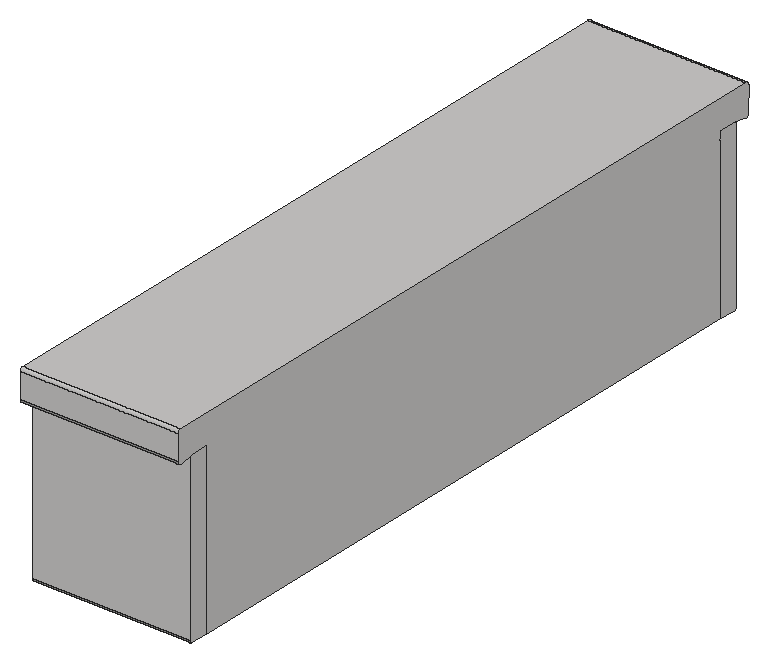
Revit family "QF_ELECTROLUXPROFESSIONAL_589152_MCNABABOOO", category Specialty Equipment, Revit 2018
Family settings
  Round Connector Dimension = Use Diameter
  Part Type = Normal
  Work Plane-Based = No
  Always vertical = Yes
  Cut with Voids When Loaded = No
  Shared = No
  Room Calculation Point = No
Parameters
  Weight in Pounds = 35
  URL Cutsheet = "www.electrolux.com/professional"
  URL = "www.electrolux.com/professional"
  Type Mark [instance] = ""
  Status [instance] = ""
  Specification by User [instance] = ""
  Specification by Manufacturer = ""
  Serial Number = ""
  Seismic Rating = ""
  SMACNA No = ""
  Revision Code [instance] = ""
  Omniclass Number and Title = ""
  NAFEM Spec ID Number = ""
  Model = "589152"
  Masterspec = ""
  Manufacturer = "ELECTROLUX"
  Item Number [instance] = ""
  Installed By [instance] = ""
  Identify Quantity as Lot [instance] = yes
  Furnished By [instance] = ""
  Foodservice Equipment Identifier [instance] = yes
  Direct Waste Size = 0"
  Description = "WORK,TOP,CLOSED,1-SIDE,200X900X250H"
  CSI MasterFormat = ""
  CSI Master Format = ""
Reference planes
  plane 1 "BACK": y = 0
  plane 2: z = 0
  plane 3 "LEFT": x = 0
  plane 4 "RIGHT": x = 200
  plane 5 "FRONT": y = -900
  plane 6 "TOP": z = 250
  plane 7 "Center Y": x = 100
  plane 8 "Center X": y = -450
Forms (mm)
  Extrusion 1, solid, material "QF_Finishes_Stainless Steel"
    sketch origin (0, 50.048, 0) x (0, 1, 0) y (0, 0, 1)
      loop
        line (-95.048, 213) -> (-71.412, 213) -> (-54.743, 210.061)
        arc (-54.743, 210.061) -> (-51.477, 210.936) -> (-50.048, 214) r 4
        line (-50.048, 214) -> (-50.048, 246)
        arc (-50.048, 246) -> (-51.22, 248.828) -> (-54.048, 250) r 4
        line (-54.048, 250) -> (-946.048, 250)
        arc (-946.048, 250) -> (-948.877, 248.828) -> (-950.048, 246) r 4
        line (-950.048, 246) -> (-950.048, 214)
        arc (-950.048, 214) -> (-948.619, 210.936) -> (-945.353, 210.061) r 4
        line (-945.353, 210.061) -> (-928.509, 213) -> (-905.048, 213) -> (-905.048, 0) -> (-95.048, 0) -> (-95.048, 213)
    from 0 to 200
  Extrusion 2, solid, material "QF_Finishes_Stainless Steel"
    sketch origin (0, 50.048, 0) x (0, 1, 0) y (0, 0, 1)
      loop
        arc (-928.048, 213) -> (-929.462, 212.414) -> (-930.048, 211) r 2
        line (-930.048, 211) -> (-930.048, 2)
        arc (-930.048, 2) -> (-929.462, 0.586) -> (-928.048, 0) r 2
        line (-928.048, 0) -> (-905.048, 0) -> (-905.048, 213) -> (-928.048, 213)
      loop
        line (-72.048, 213) -> (-95.048, 213) -> (-95.048, 0) -> (-72.048, 0)
        arc (-72.048, 0) -> (-70.634, 0.586) -> (-70.048, 2) r 2
        line (-70.048, 2) -> (-70.048, 211)
        arc (-70.048, 211) -> (-70.634, 212.414) -> (-72.048, 213) r 2
    from 0 to 200
Lines and regions (mm)
  symbolic lines
    curve 1: line (0, 0, 0) -> (200, 0, 0)
    curve 2: line (0, -900, 0) -> (0, 0, 0)
    curve 3: line (200, -900, 0) -> (0, -900, 0)
    curve 4: line (200, 0, 0) -> (200, -900, 0)
Dimensions and locks
  equal spacing: plane 3 "LEFT", plane 7 "Center Y", plane 4 "RIGHT"
  plane 3 "LEFT" to plane 4 "RIGHT" = 200.00 mm
  equal spacing: plane 5 "FRONT", plane 8 "Center X", plane 1 "BACK"
  plane 5 "FRONT" to plane 1 "BACK" = 900.00 mm
  plane 6 "TOP" to level = 250.00 mm
  aligned and locked: level to plane 2
  aligned and locked: Extrusion 1 to plane 4 "RIGHT"
  aligned and locked: Extrusion 2 to plane 4 "RIGHT"
Automatic sketch dimensions
  Extrusion 1 sketch curve to plane 6 "TOP" = 0.00 mm
  Extrusion 1 sketch curve to level = 0.00 mm
  Extrusion 1 sketch curve to plane 6 "TOP" = 36.00 mm
  plane 5 "FRONT" to Extrusion 1 sketch curve = 0.00 mm
  Extrusion 1 sketch curve to plane 6 "TOP" = 39.939 mm
  Extrusion 1 sketch curve to Extrusion 1 sketch curve = 4.00 mm
  Extrusion 1 sketch curve to Extrusion 1 sketch curve = 4.695 mm  (x2)
  Extrusion 1 sketch curve to Extrusion 1 sketch curve = 16.844 mm
  Extrusion 1 sketch curve to plane 5 "FRONT" = 45.00 mm
  plane 1 "BACK" to Extrusion 1 sketch curve = 45.00 mm
  Extrusion 1 sketch curve to Extrusion 1 sketch curve = 23.636 mm
  Extrusion 1 sketch curve to Extrusion 1 sketch curve = 17.364 mm
  Extrusion 1 sketch curve to Extrusion 1 sketch curve = 21.364 mm
  Extrusion 1 sketch curve to Extrusion 1 sketch curve = 0.00 mm  (x2)
  Extrusion 1 sketch curve to Extrusion 1 sketch curve = 0.695 mm
  Extrusion 1 sketch curve to plane 6 "TOP" = 37.00 mm  (x2)
  Extrusion 1 sketch curve to Extrusion 1 sketch curve = 1.00 mm
  Extrusion 2 sketch curve to level = 0.00 mm  (x2)
  level to Extrusion 2 sketch curve = 2.00 mm  (x2)
  Extrusion 2 sketch curve to plane 5 "FRONT" = 20.00 mm
  Extrusion 2 sketch curve to Extrusion 2 sketch curve = 2.00 mm
  Extrusion 2 sketch curve to Extrusion 2 sketch curve = 23.00 mm
  plane 1 "BACK" to Extrusion 2 sketch curve = 45.00 mm
  plane 1 "BACK" to Extrusion 2 sketch curve = 22.00 mm  (x2)
  Extrusion 2 sketch curve to plane 6 "TOP" = 39.00 mm  (x2)
  curve 3 to plane 3 "LEFT" = 0.00 mm
  curve 3 to plane 4 "RIGHT" = 0.00 mm
  plane 1 "BACK" to curve 2 = 0.00 mm
  curve 4 to plane 5 "FRONT" = 0.00 mm
